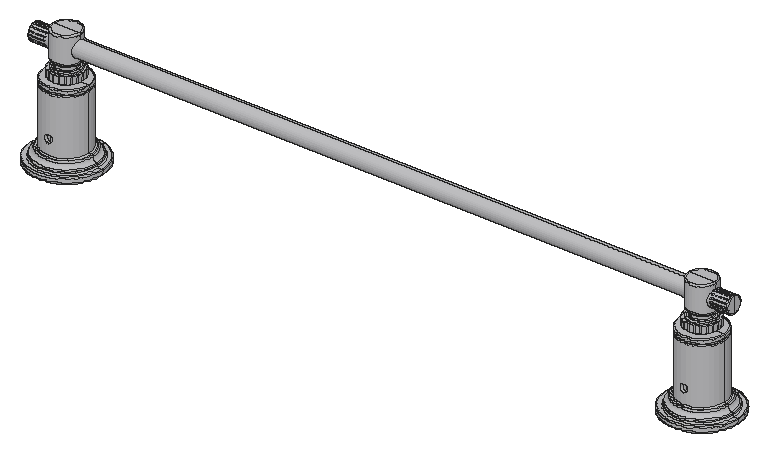
Revit family "Accessory-Towel_Bar-KALLISTA-Central_Park_West-P31424_1", category Specialty Equipment, host Face, Revit 2021
Family settings
  Host = Face
  Round Connector Dimension = Use Diameter
  Part Type = Normal
  OmniClass Number = 23.31.25.25
  OmniClass Title = Towel Bars
  Cut with Voids When Loaded = No
  Shared = No
  Room Calculation Point = No
Parameters (values of type "CP-Chrome")
  Width = 3 49/128"  # constant formula
  WaterSense Certified = 1 = 0  # no
  URL = "https://www.kallista.com/"
  Type = 4
  Product Page URL = "https://www.kallista.com/bathroom/accessories/towel-bars/central-park-west-towel-bar-18-p31424-00-cp"
  Product Name = "Central Park West"  # constant formula
  Product Documentation Link = "https://resources.kohler.com/interiors/kallista/pdf/1377361-4.pdf"
  Model = if(Type = 1, "P31424-BAF", if(Type = 2, "P31424-BN", if(Type = 3, "P31424-BV", if(Type = 4, "P31424-CP", if(Type = 5, "P31424-SN", if(Type = 6, "P31424-ULB", "NA"))))))  # "P31424-CP"
  Material = "Brass construction"  # constant formula
  Master Format 2014 Name = "Toilet, Bath, and Laundry Accessories"  # constant formula
  Master Format 2014 = "10 28 00"  # constant formula
  Manufacturer Address = "444 Highland Dr, Kohler, WI 53044"  # constant formula
  Manufacturer = "Kallista Co.\r\n Co."  # constant formula
  Length = 20 13/256"  # constant formula
  Height = 2 13/256"  # constant formula
  Finish = Kallista-Metal-CP-Chrome
  Environmental Product Declaration = ""
  Description = "Towel Bar, 18 Inch"  # constant formula
  Default Elevation = 42"
  Declare Label = ""
  Date Modified = "10/18/2022"  # constant formula
  Date Created = "10/18/2022"  # constant formula
  Copyright = "Copyright Kallista Co."  # constant formula
  Contact Us = "https://www.kallista.com/corporate/contact-us/"
  Assembly Code = "C1030200"
  ADA Compliant = 1 = 0  # no
Reference planes (in)
  plane 1 "Center (Front/Back)": y = 0
  plane 2: z = 0
  plane 3 "Center (Left/Right)": x = 0
  plane 4: x = -10.02559
  plane 5: x = -7.97441
  plane 6: x = -9
  plane 7: x = 7.97401
  plane 8: x = 9
  plane 9: x = 10.02519
  plane 10: z = 2.99213
  plane 11: y = -1.02559
  plane 12: y = 1.02519
  plane 13: y = 0.23622
  plane 14: y = -0.23622
  plane 15: z = 3.24363
  plane 16: z = 2.75995
  plane 17: z = 0.148
  plane 18: z = 3.38281
Dimensions and locks (in)
  plane 6 to plane 8 = 18"
  "Length": plane 4 to plane 9
  plane 13 to plane 14 = 0.47244"
  plane 7 to plane 9 = 2.05118"
  "Height": plane 11 to plane 12
  "Width": level to plane 18
  plane 4 to plane 5 = 2.05118"
  plane 12 to plane 11 = 2 13/256"
  aligned and locked: plane 2 to host face
  aligned and locked: level to host face
  aligned and locked: plane 3 "Center (Left/Right)" to nested 1
  aligned and locked: plane 1 "Center (Front/Back)" to nested 1
Automatic sketch dimensions
  host sketch curve to host sketch curve = 96"  (x2)
Nested families (in)
  nested 1: "P31424" at (0, -0.0006, 0), type "P31424"
Definition of nested family "P31424"
  Parameters (values of type "P31424")
    Material = none
    Default Elevation = 0"
  Reference planes (in)
    plane 1 "Center (Front/Back)": y = 0.0006
    plane 2: z = 0
    plane 3 "Center (Left/Right)": x = 0
    plane 4: x = 9
    plane 5 "A": x = -9
    plane 6: x = 10.02559
    plane 7: x = -10.02559
    plane 8: x = -7.97441
    plane 9: x = 7.97441
    plane 10: y = 1.02619
    plane 11: y = -1.02499
    plane 12: z = 2.99213
    plane 13: y = 0.23682
    plane 14: y = -0.23562
    plane 15: x = -9.40919
    plane 16: x = 9.40919
    plane 17: z = 3.24363
    plane 18: z = 2.75995
  Forms (in)
    Revolve 1, solid, material <- "Material", detail levels medium+fine
      sketch origin (0, 0.00108, 3.00847) x (1, 0, 0) y (0, 0, -1)
        loop
          line (-9, 3.00847) -> (-9, -0.37342) -> (-8.64309, -0.37342)
          arc (-8.64309, -0.37342) -> (-8.62077, -0.36417) -> (-8.61152, -0.34185) r 0.03156
          line (-8.61152, -0.34185) -> (-8.61152, 0.35147)
          arc (-8.61152, 0.35147) -> (-8.61892, 0.36697) -> (-8.63559, 0.37107) r 0.02006
          arc (-8.63559, 0.37107) -> (-8.65462, 0.37577) -> (-8.66302, 0.39348) r 0.02287
          line (-8.66302, 0.39348) -> (-8.66302, 0.43047) -> (-8.69918, 0.43047)
          arc (-8.69918, 0.43047) -> (-8.71499, 0.43702) -> (-8.72153, 0.45282) r 0.02235
          line (-8.72153, 0.45282) -> (-8.72153, 0.53854)
          arc (-8.72153, 0.53854) -> (-8.71569, 0.55263) -> (-8.70159, 0.55847) r 0.01994
          line (-8.70159, 0.55847) -> (-8.64363, 0.55847)
          arc (-8.64363, 0.55847) -> (-8.6287, 0.56466) -> (-8.62252, 0.57958) r 0.02111
          line (-8.62252, 0.57958) -> (-8.62252, 0.61847) -> (-8.53846, 0.61847) -> (-8.53846, 0.79847) -> (-8.60223, 0.79847)
          arc (-8.60223, 0.79847) -> (-8.61681, 0.80451) -> (-8.62284, 0.81909) r 0.02062
          line (-8.62284, 0.81909) -> (-8.62284, 0.85844) -> (-8.38473, 0.85844)
          arc (-8.38473, 0.85844) -> (-8.3708, 0.86422) -> (-8.36502, 0.87815) r 0.01971
          line (-8.36502, 0.87815) -> (-8.36502, 0.96328)
          arc (-8.36502, 0.96328) -> (-8.37093, 0.97755) -> (-8.3852, 0.98346) r 0.02018
          line (-8.3852, 0.98346) -> (-8.41956, 0.98346) -> (-8.45675, 1.0008) -> (-8.3858, 1.0008)
          arc (-8.3858, 1.0008) -> (-8.37111, 1.00689) -> (-8.36502, 1.02158) r 0.02078
          line (-8.36502, 1.02158) -> (-8.36502, 2.57771)
          arc (-8.36502, 2.57771) -> (-8.35594, 2.59963) -> (-8.33403, 2.60871) r 0.031
          line (-8.33403, 2.60871) -> (-8.28308, 2.60871)
          arc (-8.28308, 2.60871) -> (-8.26745, 2.61504) -> (-8.26063, 2.63045) r 0.02246
          arc (-8.26063, 2.63045) -> (-8.23123, 2.71556) -> (-8.15884, 2.76911) r 0.15204
          arc (-8.15884, 2.76911) -> (-8.14462, 2.77981) -> (-8.13921, 2.79676) r 0.0293
          line (-8.13921, 2.79676) -> (-8.13921, 2.82903)
          arc (-8.13921, 2.82903) -> (-8.13, 2.85126) -> (-8.10777, 2.86047) r 0.03144
          line (-8.10777, 2.86047) -> (-7.99426, 2.86047)
          arc (-7.99426, 2.86047) -> (-7.98022, 2.86629) -> (-7.97441, 2.88032) r 0.01985
          line (-7.97441, 2.88032) -> (-7.97441, 2.98849)
          arc (-7.97441, 2.98849) -> (-7.98026, 3.00262) -> (-7.9944, 3.00847) r 0.01999
          line (-7.9944, 3.00847) -> (-9, 3.00847)
        axis (-9, 3.00847) -> (-9, -0.37342)
      angle from 0 to 360
    Revolve 2, solid, material <- "Material", detail levels medium+fine
      sketch origin (0, 0.00108, 2.99617) x (1, 0, 0) y (0, 0, -1)
        loop
          line (-9.90986, 0.0006) -> (9.90984, 0.0006) -> (9.90984, 0.21666)
          arc (9.90984, 0.21666) -> (9.90411, 0.23049) -> (9.89028, 0.23622) r 0.01956
          line (9.89028, 0.23622) -> (-9.88718, 0.23622)
          arc (-9.88718, 0.23622) -> (-9.90322, 0.22958) -> (-9.90986, 0.21353) r 0.02269
          line (-9.90986, 0.21353) -> (-9.90986, 0.0006)
        axis (-9.90986, 0.0006) -> (9.90984, 0.0006)
      angle from 0 to 360
    Revolve 3, void, detail levels medium+fine
      sketch origin (-9, 0.00108, 3.00847) x (0, 1, 0) y (0, 0, 1)
        loop
          line (-0.90888, -2.16349) -> (-0.55698, -2.16349) -> (-0.55698, -2.05097) -> (-0.90888, -2.05097) -> (-0.90888, -2.16349)
        axis (-0.55698, -2.16349) -> (-0.90888, -2.16349)
      angle from 0 to 360
    Revolve 4, void, detail levels medium+fine
      sketch origin (9, 0.00108, 3.00847) x (0, 1, 0) y (0, 0, 1)
        loop
          line (-0.90888, -2.16349) -> (-0.55698, -2.16349) -> (-0.55698, -2.05097) -> (-0.90888, -2.05097) -> (-0.90888, -2.16349)
        axis (-0.55698, -2.16349) -> (-0.90888, -2.16349)
      angle from 0 to 360
    Extrusion 5, void, detail levels medium+fine
      sketch origin (-4.5, -7.79315, 3.00787) x (0.5, -0.866025, 0) y (0.866025, 0.5, 0)
        loop
          line (-8.97207, -0.46141) -> (-8.96698, -0.50304) -> (-8.92862, -0.49627) -> (-8.93206, -0.4572)
          arc (-8.93206, -0.4572) -> (-8.9542, -0.43896) -> (-8.97207, -0.46141) r 0.02011
        loop
          line (-9.11592, -0.44734) -> (-9.12395, -0.48851) -> (-9.08538, -0.49393) -> (-9.07658, -0.4557)
          arc (-9.07658, -0.4557) -> (-9.092, -0.43151) -> (-9.11592, -0.44734) r 0.02011
        loop
          line (-9.24839, -0.38951) -> (-9.26874, -0.42618) -> (-9.23374, -0.44325) -> (-9.21356, -0.40962)
          arc (-9.21356, -0.40962) -> (-9.22075, -0.38185) -> (-9.24839, -0.38951) r 0.02011
        loop
          line (-9.35651, -0.29357) -> (-9.38719, -0.32216) -> (-9.35918, -0.34921) -> (-9.32959, -0.32346)
          arc (-9.32959, -0.32346) -> (-9.32785, -0.29483) -> (-9.35651, -0.29357) r 0.02011
        loop
          line (-9.42968, -0.16892) -> (-9.4677, -0.18662) -> (-9.44942, -0.22101) -> (-9.41332, -0.20567)
          arc (-9.41332, -0.20567) -> (-9.40281, -0.17897) -> (-9.42968, -0.16892) r 0.02011
        loop
          line (-9.46076, -0.02776) -> (-9.50239, -0.03285) -> (-9.49562, -0.0712) -> (-9.45655, -0.06776)
          arc (-9.45655, -0.06776) -> (-9.43831, -0.04562) -> (-9.46076, -0.02776) r 0.02011
        loop
          line (-9.44669, 0.1161) -> (-9.48785, 0.12412) -> (-9.49327, 0.08556) -> (-9.45505, 0.07675)
          arc (-9.45505, 0.07675) -> (-9.43086, 0.09217) -> (-9.44669, 0.1161) r 0.02011
        loop
          line (-9.38886, 0.24857) -> (-9.42553, 0.26892) -> (-9.4426, 0.23391) -> (-9.40897, 0.21373)
          arc (-9.40897, 0.21373) -> (-9.3812, 0.22092) -> (-9.38886, 0.24857) r 0.02011
        loop
          line (-9.29292, 0.35668) -> (-9.32151, 0.38737) -> (-9.34856, 0.35935) -> (-9.32281, 0.32977)
          arc (-9.32281, 0.32977) -> (-9.29418, 0.32802) -> (-9.29292, 0.35668) r 0.02011
        loop
          line (-9.16827, 0.42986) -> (-9.18597, 0.46787) -> (-9.22036, 0.44959) -> (-9.20502, 0.4135)
          arc (-9.20502, 0.4135) -> (-9.17832, 0.40299) -> (-9.16827, 0.42986) r 0.02011
        loop
          line (-9.02711, 0.46093) -> (-9.0322, 0.50256) -> (-9.07055, 0.4958) -> (-9.06711, 0.45673)
          arc (-9.06711, 0.45673) -> (-9.04497, 0.43849) -> (-9.02711, 0.46093) r 0.02011
        loop
          line (-8.88325, 0.44686) -> (-8.87523, 0.48803) -> (-8.91379, 0.49345) -> (-8.9226, 0.45523)
          arc (-8.9226, 0.45523) -> (-8.90718, 0.43104) -> (-8.88325, 0.44686) r 0.02011
        loop
          line (-8.75078, 0.38903) -> (-8.73043, 0.4257) -> (-8.76543, 0.44277) -> (-8.78562, 0.40914)
          arc (-8.78562, 0.40914) -> (-8.77843, 0.38137) -> (-8.75078, 0.38903) r 0.02011
        loop
          line (-8.64267, 0.29309) -> (-8.61198, 0.32168) -> (-8.64, 0.34873) -> (-8.66958, 0.32299)
          arc (-8.66958, 0.32299) -> (-8.67133, 0.29435) -> (-8.64267, 0.29309) r 0.02011
        loop
          line (-8.56949, 0.16844) -> (-8.53147, 0.18615) -> (-8.54976, 0.22053) -> (-8.58585, 0.20519)
          arc (-8.58585, 0.20519) -> (-8.59636, 0.1785) -> (-8.56949, 0.16844) r 0.02011
        loop
          line (-8.53842, 0.02728) -> (-8.49679, 0.03237) -> (-8.50355, 0.07072) -> (-8.54262, 0.06729)
          arc (-8.54262, 0.06729) -> (-8.56086, 0.04514) -> (-8.53842, 0.02728) r 0.02011
        loop
          line (-8.55248, -0.11658) -> (-8.51132, -0.1246) -> (-8.5059, -0.08603) -> (-8.54412, -0.07723)
          arc (-8.54412, -0.07723) -> (-8.56831, -0.09265) -> (-8.55248, -0.11658) r 0.02011
        loop
          line (-8.61032, -0.24904) -> (-8.57365, -0.26939) -> (-8.55658, -0.23439) -> (-8.5902, -0.21421)
          arc (-8.5902, -0.21421) -> (-8.61798, -0.2214) -> (-8.61032, -0.24904) r 0.02011
        loop
          line (-8.70625, -0.35716) -> (-8.67767, -0.38784) -> (-8.65061, -0.35983) -> (-8.67636, -0.33024)
          arc (-8.67636, -0.33024) -> (-8.705, -0.3285) -> (-8.70625, -0.35716) r 0.02011
        loop
          line (-8.8309, -0.43033) -> (-8.8132, -0.46835) -> (-8.77881, -0.45007) -> (-8.79416, -0.41397)
          arc (-8.79416, -0.41397) -> (-8.82085, -0.40347) -> (-8.8309, -0.43033) r 0.02011
        loop
          arc (0.41356, 15.79497) -> (0.40305, 15.76828) -> (0.42992, 15.75822) r 0.02011
          line (0.42992, 15.75822) -> (0.46547, 15.77478) -> (0.45215, 15.81138) -> (0.41356, 15.79497)
        loop
          arc (0.32945, 15.91252) -> (0.3277, 15.88389) -> (0.35636, 15.88263) r 0.02011
          line (0.35636, 15.88263) -> (0.38506, 15.90936) -> (0.36108, 15.94005) -> (0.32945, 15.91252)
        loop
          arc (0.21313, 15.99833) -> (0.22032, 15.97055) -> (0.24796, 15.97821) r 0.02011
          line (0.24796, 15.97821) -> (0.267, 16.01251) -> (0.23471, 16.03429) -> (0.21313, 15.99833)
        loop
          arc (0.07599, 16.04399) -> (0.09141, 16.0198) -> (0.11533, 16.03562) r 0.02011
          line (0.11533, 16.03562) -> (0.12284, 16.07412) -> (0.0854, 16.08485) -> (0.07599, 16.04399)
        loop
          arc (-0.06855, 16.04503) -> (-0.04641, 16.02679) -> (-0.02855, 16.04924) r 0.02011
          line (-0.02855, 16.04924) -> (-0.03331, 16.08817) -> (-0.07223, 16.08681) -> (-0.06855, 16.04503)
        loop
          arc (-0.20634, 16.00136) -> (-0.17965, 15.99086) -> (-0.16959, 16.01772) r 0.02011
          line (-0.16959, 16.01772) -> (-0.18615, 16.05328) -> (-0.22275, 16.03996) -> (-0.20634, 16.00136)
        loop
          arc (-0.32389, 15.91725) -> (-0.29526, 15.91551) -> (-0.294, 15.94417) r 0.02011
          line (-0.294, 15.94417) -> (-0.32073, 15.97287) -> (-0.35142, 15.94889) -> (-0.32389, 15.91725)
        loop
          arc (-0.40969, 15.80093) -> (-0.38192, 15.80812) -> (-0.38958, 15.83577) r 0.02011
          line (-0.38958, 15.83577) -> (-0.42388, 15.8548) -> (-0.44565, 15.82252) -> (-0.40969, 15.80093)
        loop
          arc (-0.45535, 15.66379) -> (-0.43116, 15.67921) -> (-0.44699, 15.70314) r 0.02011
          line (-0.44699, 15.70314) -> (-0.48549, 15.71064) -> (-0.49622, 15.67321) -> (-0.45535, 15.66379)
        loop
          arc (-0.4564, 15.51925) -> (-0.43816, 15.54139) -> (-0.46061, 15.55926) r 0.02011
          line (-0.46061, 15.55926) -> (-0.49954, 15.5545) -> (-0.49818, 15.51558) -> (-0.4564, 15.51925)
        loop
          arc (-0.41273, 15.38147) -> (-0.40223, 15.40816) -> (-0.42909, 15.41821) r 0.02011
          line (-0.42909, 15.41821) -> (-0.46465, 15.40166) -> (-0.45133, 15.36506) -> (-0.41273, 15.38147)
        loop
          arc (-0.32862, 15.26392) -> (-0.32688, 15.29255) -> (-0.35554, 15.29381) r 0.02011
          line (-0.35554, 15.29381) -> (-0.38424, 15.26708) -> (-0.36026, 15.23639) -> (-0.32862, 15.26392)
        loop
          arc (-0.2123, 15.17811) -> (-0.21949, 15.20588) -> (-0.24714, 15.19822) r 0.02011
          line (-0.24714, 15.19822) -> (-0.26617, 15.16393) -> (-0.23388, 15.14215) -> (-0.2123, 15.17811)
        loop
          arc (-0.07516, 15.13245) -> (-0.09058, 15.15664) -> (-0.11451, 15.14081) r 0.02011
          line (-0.11451, 15.14081) -> (-0.12201, 15.10232) -> (-0.08457, 15.09158) -> (-0.07516, 15.13245)
        loop
          arc (0.06938, 15.1314) -> (0.04724, 15.14965) -> (0.02937, 15.1272) r 0.02011
          line (0.02937, 15.1272) -> (0.03413, 15.08827) -> (0.07305, 15.08963) -> (0.06938, 15.1314)
        loop
          arc (0.20717, 15.17507) -> (0.18047, 15.18558) -> (0.17042, 15.15871) r 0.02011
          line (0.17042, 15.15871) -> (0.18698, 15.12316) -> (0.22357, 15.13648) -> (0.20717, 15.17507)
        loop
          arc (0.32471, 15.25918) -> (0.29608, 15.26093) -> (0.29482, 15.23227) r 0.02011
          line (0.29482, 15.23227) -> (0.32156, 15.20357) -> (0.35225, 15.22755) -> (0.32471, 15.25918)
        loop
          arc (0.41052, 15.3755) -> (0.38275, 15.36831) -> (0.39041, 15.34067) r 0.02011
          line (0.39041, 15.34067) -> (0.4247, 15.32164) -> (0.44648, 15.35392) -> (0.41052, 15.3755)
        loop
          arc (0.45618, 15.51264) -> (0.43199, 15.49722) -> (0.44782, 15.4733) r 0.02011
          line (0.44782, 15.4733) -> (0.48631, 15.4658) -> (0.49705, 15.50323) -> (0.45618, 15.51264)
        loop
          arc (0.45723, 15.65718) -> (0.43899, 15.63504) -> (0.46143, 15.61718) r 0.02011
          line (0.46143, 15.61718) -> (0.50036, 15.62194) -> (0.499, 15.66086) -> (0.45723, 15.65718)
      from -0.81369 to -0.54356
    Revolve 6, solid, material <- "Material", detail levels coarse
      sketch origin (0, 0.0006, 0) x (1, 0, 0) y (0, 0, 1)
        loop
          line (-9.38848, 3.38189) -> (-9.38848, 2.15003) -> (-9.63498, 2.15003) -> (-9.63498, 0.39976) -> (-10.02559, 0.39976) -> (-10.02559, 0) -> (-9, 0) -> (-9, 3.38189) -> (-9.38848, 3.38189)
        axis (-9, 0) -> (-9, 3.38189)
      angle from 0 to 360
    Revolve 7, solid, material <- "Material", detail levels coarse
      sketch origin (0, 0.0006, 0) x (1, 0, 0) y (0, 0, 1)
        loop
          line (-9.90983, 2.99213) -> (9.90983, 2.99213) -> (9.90983, 3.24363) -> (-9.90983, 3.24363) -> (-9.90983, 2.99213)
        axis (-9.90983, 2.99213) -> (9.90983, 2.99213)
      angle from 0 to 360
    Extrusion 8, void
      sketch origin (0, 0, 0) x (0, 1, 0) y (0, 0, 1)
        loop
          arc (0.04362, 3.23801) -> (0.02469, 3.24058) -> (0.00561, 3.24167) r 0.24614
          arc (0.00561, 3.24167) -> (0.02302, 3.22325) -> (0.04362, 3.23801) r 0.01927
        loop
          arc (0.13855, 3.19974) -> (0.1223, 3.20979) -> (0.10532, 3.21855) r 0.24614
          arc (0.10532, 3.21855) -> (0.11373, 3.19464) -> (0.13855, 3.19974) r 0.01927
        loop
          arc (0.20971, 3.12617) -> (0.19895, 3.14196) -> (0.187, 3.15687) r 0.24614
          arc (0.187, 3.15687) -> (0.18496, 3.13161) -> (0.20971, 3.12617) r 0.01927
        loop
          arc (0.24479, 3.03002) -> (0.24139, 3.04883) -> (0.23653, 3.0673) r 0.24614
          arc (0.23653, 3.0673) -> (0.22439, 3.04506) -> (0.24479, 3.03002) r 0.01927
        loop
          arc (0.23774, 2.92792) -> (0.24227, 2.94648) -> (0.24535, 2.96533) r 0.24614
          arc (0.24535, 2.96533) -> (0.22521, 2.94995) -> (0.23774, 2.92792) r 0.01927
        loop
          arc (0.18976, 2.83751) -> (0.20145, 2.85262) -> (0.21194, 2.86859) r 0.24614
          arc (0.21194, 2.86859) -> (0.18728, 2.86273) -> (0.18976, 2.83751) r 0.01927
        loop
          arc (0.10916, 2.77443) -> (0.12598, 2.78348) -> (0.14206, 2.79381) r 0.24614
          arc (0.14206, 2.79381) -> (0.11715, 2.79848) -> (0.10916, 2.77443) r 0.01927
        loop
          arc (0.00987, 2.74959) -> (0.02892, 2.75101) -> (0.04781, 2.75391) r 0.24614
          arc (0.04781, 2.75391) -> (0.02695, 2.76831) -> (0.00987, 2.74959) r 0.01927
        loop
          arc (-0.09094, 2.76728) -> (-0.07296, 2.76083) -> (-0.05453, 2.75579) r 0.24614
          arc (-0.05453, 2.75579) -> (-0.06772, 2.77743) -> (-0.09094, 2.76728) r 0.01927
        loop
          arc (-0.17584, 2.82444) -> (-0.16204, 2.81124) -> (-0.14725, 2.79914) r 0.24614
          arc (-0.14725, 2.79914) -> (-0.1505, 2.82427) -> (-0.17584, 2.82444) r 0.01927
        loop
          arc (-0.23015, 2.9112) -> (-0.22291, 2.89352) -> (-0.21432, 2.87645) r 0.24614
          arc (-0.21432, 2.87645) -> (-0.20707, 2.90073) -> (-0.23015, 2.9112) r 0.01927
        loop
          arc (-0.24448, 3.01254) -> (-0.24506, 2.99344) -> (-0.24415, 2.97436) r 0.24614
          arc (-0.24415, 2.97436) -> (-0.22765, 2.99359) -> (-0.24448, 3.01254) r 0.01927
        loop
          arc (-0.21635, 3.11095) -> (-0.22464, 3.09374) -> (-0.23158, 3.07593) r 0.24614
          arc (-0.23158, 3.07593) -> (-0.20868, 3.0868) -> (-0.21635, 3.11095) r 0.01927
        loop
          arc (-0.15062, 3.18941) -> (-0.1652, 3.17706) -> (-0.17878, 3.16361) r 0.24614
          arc (-0.17878, 3.16361) -> (-0.15344, 3.16422) -> (-0.15062, 3.18941) r 0.01927
        loop
          arc (-0.05866, 3.23435) -> (-0.07701, 3.229) -> (-0.09488, 3.22224) r 0.24614
          arc (-0.09488, 3.22224) -> (-0.07148, 3.21249) -> (-0.05866, 3.23435) r 0.01927
      from -10.21425 to -9.40919
    Extrusion 9, void
      sketch origin (20.05118, 0, 0) x (0, 1, 0) y (0, 0, 1)
        loop
          arc (0.04362, 3.23801) -> (0.02469, 3.24058) -> (0.00561, 3.24167) r 0.24614
          arc (0.00561, 3.24167) -> (0.02302, 3.22325) -> (0.04362, 3.23801) r 0.01927
        loop
          arc (0.13855, 3.19974) -> (0.1223, 3.20979) -> (0.10532, 3.21855) r 0.24614
          arc (0.10532, 3.21855) -> (0.11373, 3.19464) -> (0.13855, 3.19974) r 0.01927
        loop
          arc (0.20971, 3.12617) -> (0.19895, 3.14196) -> (0.187, 3.15687) r 0.24614
          arc (0.187, 3.15687) -> (0.18496, 3.13161) -> (0.20971, 3.12617) r 0.01927
        loop
          arc (0.24479, 3.03002) -> (0.24139, 3.04883) -> (0.23653, 3.0673) r 0.24614
          arc (0.23653, 3.0673) -> (0.22439, 3.04506) -> (0.24479, 3.03002) r 0.01927
        loop
          arc (0.23774, 2.92792) -> (0.24227, 2.94648) -> (0.24535, 2.96533) r 0.24614
          arc (0.24535, 2.96533) -> (0.22521, 2.94995) -> (0.23774, 2.92792) r 0.01927
        loop
          arc (0.18976, 2.83751) -> (0.20145, 2.85262) -> (0.21194, 2.86859) r 0.24614
          arc (0.21194, 2.86859) -> (0.18728, 2.86273) -> (0.18976, 2.83751) r 0.01927
        loop
          arc (0.10916, 2.77443) -> (0.12598, 2.78348) -> (0.14206, 2.79381) r 0.24614
          arc (0.14206, 2.79381) -> (0.11715, 2.79848) -> (0.10916, 2.77443) r 0.01927
        loop
          arc (0.00987, 2.74959) -> (0.02892, 2.75101) -> (0.04781, 2.75391) r 0.24614
          arc (0.04781, 2.75391) -> (0.02695, 2.76831) -> (0.00987, 2.74959) r 0.01927
        loop
          arc (-0.09094, 2.76728) -> (-0.07296, 2.76083) -> (-0.05453, 2.75579) r 0.24614
          arc (-0.05453, 2.75579) -> (-0.06772, 2.77743) -> (-0.09094, 2.76728) r 0.01927
        loop
          arc (-0.17584, 2.82444) -> (-0.16204, 2.81124) -> (-0.14725, 2.79914) r 0.24614
          arc (-0.14725, 2.79914) -> (-0.1505, 2.82427) -> (-0.17584, 2.82444) r 0.01927
        loop
          arc (-0.23015, 2.9112) -> (-0.22291, 2.89352) -> (-0.21432, 2.87645) r 0.24614
          arc (-0.21432, 2.87645) -> (-0.20707, 2.90073) -> (-0.23015, 2.9112) r 0.01927
        loop
          arc (-0.24448, 3.01254) -> (-0.24506, 2.99344) -> (-0.24415, 2.97436) r 0.24614
          arc (-0.24415, 2.97436) -> (-0.22765, 2.99359) -> (-0.24448, 3.01254) r 0.01927
        loop
          arc (-0.21635, 3.11095) -> (-0.22464, 3.09374) -> (-0.23158, 3.07593) r 0.24614
          arc (-0.23158, 3.07593) -> (-0.20868, 3.0868) -> (-0.21635, 3.11095) r 0.01927
        loop
          arc (-0.15062, 3.18941) -> (-0.1652, 3.17706) -> (-0.17878, 3.16361) r 0.24614
          arc (-0.17878, 3.16361) -> (-0.15344, 3.16422) -> (-0.15062, 3.18941) r 0.01927
        loop
          arc (-0.05866, 3.23435) -> (-0.07701, 3.229) -> (-0.09488, 3.22224) r 0.24614
          arc (-0.09488, 3.22224) -> (-0.07148, 3.21249) -> (-0.05866, 3.23435) r 0.01927
      from -10.64199 to -9.40919
    Revolve 10, solid, material <- "Material", detail levels medium+fine
      sketch origin (0, 0.00108, 3.00847) x (-1, 0, 0) y (0, 0, 1)
        loop
          line (-9, -3.00847) -> (-7.9944, -3.00847)
          arc (-7.9944, -3.00847) -> (-7.98026, -3.00262) -> (-7.97441, -2.98849) r 0.01999
          line (-7.97441, -2.98849) -> (-7.97441, -2.88032)
          arc (-7.97441, -2.88032) -> (-7.98022, -2.86629) -> (-7.99426, -2.86047) r 0.01985
          line (-7.99426, -2.86047) -> (-8.10777, -2.86047)
          arc (-8.10777, -2.86047) -> (-8.13, -2.85126) -> (-8.13921, -2.82903) r 0.03144
          line (-8.13921, -2.82903) -> (-8.13921, -2.79676)
          arc (-8.13921, -2.79676) -> (-8.14462, -2.77981) -> (-8.15884, -2.76911) r 0.0293
          arc (-8.15884, -2.76911) -> (-8.23123, -2.71556) -> (-8.26063, -2.63045) r 0.15204
          arc (-8.26063, -2.63045) -> (-8.26745, -2.61504) -> (-8.28308, -2.60871) r 0.02246
          line (-8.28308, -2.60871) -> (-8.33403, -2.60871)
          arc (-8.33403, -2.60871) -> (-8.35594, -2.59963) -> (-8.36502, -2.57771) r 0.031
          line (-8.36502, -2.57771) -> (-8.36502, -1.02158)
          arc (-8.36502, -1.02158) -> (-8.37111, -1.00689) -> (-8.3858, -1.0008) r 0.02078
          line (-8.3858, -1.0008) -> (-8.45675, -1.0008) -> (-8.41956, -0.98346) -> (-8.3852, -0.98346)
          arc (-8.3852, -0.98346) -> (-8.37093, -0.97755) -> (-8.36502, -0.96328) r 0.02018
          line (-8.36502, -0.96328) -> (-8.36502, -0.87815)
          arc (-8.36502, -0.87815) -> (-8.3708, -0.86422) -> (-8.38473, -0.85844) r 0.01971
          line (-8.38473, -0.85844) -> (-8.62284, -0.85844) -> (-8.62284, -0.81909)
          arc (-8.62284, -0.81909) -> (-8.61681, -0.80451) -> (-8.60223, -0.79847) r 0.02062
          line (-8.60223, -0.79847) -> (-8.53846, -0.79847) -> (-8.53846, -0.61847) -> (-8.62252, -0.61847) -> (-8.62252, -0.57958)
          arc (-8.62252, -0.57958) -> (-8.6287, -0.56466) -> (-8.64363, -0.55847) r 0.02111
          line (-8.64363, -0.55847) -> (-8.70159, -0.55847)
          arc (-8.70159, -0.55847) -> (-8.71569, -0.55263) -> (-8.72153, -0.53854) r 0.01994
          line (-8.72153, -0.53854) -> (-8.72153, -0.45282)
          arc (-8.72153, -0.45282) -> (-8.71499, -0.43702) -> (-8.69918, -0.43047) r 0.02235
          line (-8.69918, -0.43047) -> (-8.66302, -0.43047) -> (-8.66302, -0.39348)
          arc (-8.66302, -0.39348) -> (-8.65462, -0.37577) -> (-8.63559, -0.37107) r 0.02287
          arc (-8.63559, -0.37107) -> (-8.61892, -0.36697) -> (-8.61152, -0.35147) r 0.02006
          line (-8.61152, -0.35147) -> (-8.61152, 0.34185)
          arc (-8.61152, 0.34185) -> (-8.62077, 0.36417) -> (-8.64309, 0.37342) r 0.03156
          line (-8.64309, 0.37342) -> (-9, 0.37342) -> (-9, -3.00847)
        axis (-9, -3.00847) -> (-9, 0.37342)
      angle from 0 to 360
    Revolve 11, solid, material <- "Material", detail levels coarse
      sketch origin (0, 0.0006, 0) x (-1, 0, 0) y (0, 0, -1)
        loop
          line (-9.38848, -3.38189) -> (-9, -3.38189) -> (-9, 0) -> (-10.02559, 0) -> (-10.02559, -0.39976) -> (-9.63498, -0.39976) -> (-9.63498, -2.15003) -> (-9.38848, -2.15003) -> (-9.38848, -3.38189)
        axis (-9, 0) -> (-9, -3.38189)
      angle from 0 to 360
  Cuts and joins
    Revolve 3, Revolve 4, Extrusion 5, Extrusion 9 cuts Revolve 1
    Extrusion 8, Extrusion 9 cuts Revolve 2
    Revolve 4, Extrusion 5 cuts Revolve 10
    joined: Revolve 1, Revolve 2, Revolve 10
    joined: Revolve 6, Revolve 7, Revolve 11
  Lines and regions (in)
    Masking region 1
      outline origin (0, 0.0006, 3.00847) x (0, 0, -1) y (0, 1, 0)
        loop
          line (3.00847, 0) -> (3.00847, 1.00599)
          arc (3.00847, 1.00599) -> (3.00273, 1.01985) -> (2.98888, 1.02559) r 0.0196
          line (2.98888, 1.02559) -> (2.88007, 1.02559)
          arc (2.88007, 1.02559) -> (2.86621, 1.01985) -> (2.86047, 1.00599) r 0.0196
          line (2.86047, 1.00599) -> (2.86047, 0.89298)
          arc (2.86047, 0.89298) -> (2.85105, 0.87022) -> (2.82828, 0.86079) r 0.03219
          line (2.82828, 0.86079) -> (2.79625, 0.86079)
          arc (2.79625, 0.86079) -> (2.78073, 0.85625) -> (2.77009, 0.84407) r 0.02882
          arc (2.77009, 0.84407) -> (2.73296, 0.78529) -> (2.67418, 0.74816) r 0.15793
          arc (2.67418, 0.74816) -> (2.65337, 0.74233) -> (2.63195, 0.7394) r 0.15793
          arc (2.63195, 0.7394) -> (2.61773, 0.7341) -> (2.60871, 0.72189) r 0.02663
          line (2.60871, 0.72189) -> (2.60871, 0.6687)
          arc (2.60871, 0.6687) -> (2.59963, 0.64564) -> (2.57725, 0.63498) r 0.0338
          line (2.57725, 0.63498) -> (1.02382, 0.63498)
          arc (1.02382, 0.63498) -> (1.00754, 0.62824) -> (1.0008, 0.61196) r 0.02302
          line (1.0008, 0.61196) -> (1.0008, 0.54093) -> (0.98346, 0.58178) -> (0.98346, 0.61358)
          arc (0.98346, 0.61358) -> (0.97719, 0.62871) -> (0.96206, 0.63498) r 0.0214
          line (0.96206, 0.63498) -> (0.87831, 0.63498)
          arc (0.87831, 0.63498) -> (0.86426, 0.62916) -> (0.85844, 0.61511) r 0.01986
          line (0.85844, 0.61511) -> (0.85844, 0.37748) -> (0.81825, 0.37748)
          arc (0.81825, 0.37748) -> (0.80426, 0.38327) -> (0.79847, 0.39725) r 0.01977
          line (0.79847, 0.39725) -> (0.79847, 0.44164)
          arc (0.79847, 0.44164) -> (0.79254, 0.45597) -> (0.77821, 0.4619) r 0.02026
          line (0.77821, 0.4619) -> (0.63816, 0.4619)
          arc (0.63816, 0.4619) -> (0.62424, 0.45614) -> (0.61847, 0.44222) r 0.01969
          line (0.61847, 0.44222) -> (0.61847, 0.37748) -> (0.58289, 0.37748)
          arc (0.58289, 0.37748) -> (0.5656, 0.37032) -> (0.55844, 0.35303) r 0.02444
          line (0.55844, 0.35303) -> (0.55844, 0.27849) -> (0.43047, 0.27849) -> (0.43047, 0.33698) -> (0.3965, 0.33698)
          arc (0.3965, 0.33698) -> (0.37729, 0.34573) -> (0.37128, 0.36597) r 0.02546
          arc (0.37128, 0.36597) -> (0.36662, 0.38168) -> (0.3517, 0.38848) r 0.01977
          line (0.3517, 0.38848) -> (-0.35385, 0.38848)
          arc (-0.35385, 0.38848) -> (-0.36769, 0.38275) -> (-0.37342, 0.36891) r 0.01956
          line (-0.37342, 0.36891) -> (-0.37342, 0) -> (-0.37342, -0.36891)
          arc (-0.37342, -0.36891) -> (-0.36769, -0.38274) -> (-0.35385, -0.38847) r 0.01956
          line (-0.35385, -0.38847) -> (0.3517, -0.38847)
          arc (0.3517, -0.38847) -> (0.36662, -0.38167) -> (0.37128, -0.36596) r 0.01977
          arc (0.37128, -0.36596) -> (0.37729, -0.34572) -> (0.3965, -0.33697) r 0.02546
          line (0.3965, -0.33697) -> (0.43047, -0.33697) -> (0.43047, -0.27848) -> (0.55844, -0.27848) -> (0.55844, -0.35551)
          arc (0.55844, -0.35551) -> (0.56488, -0.37104) -> (0.58041, -0.37747) r 0.02196
          line (0.58041, -0.37747) -> (0.61847, -0.37747) -> (0.61847, -0.44221)
          arc (0.61847, -0.44221) -> (0.62424, -0.45613) -> (0.63816, -0.4619) r 0.01969
          line (0.63816, -0.4619) -> (0.77821, -0.4619)
          arc (0.77821, -0.4619) -> (0.79254, -0.45596) -> (0.79847, -0.44163) r 0.02026
          line (0.79847, -0.44163) -> (0.79847, -0.39724)
          arc (0.79847, -0.39724) -> (0.80426, -0.38326) -> (0.81825, -0.37747) r 0.01977
          line (0.81825, -0.37747) -> (0.85844, -0.37747) -> (0.85844, -0.61511)
          arc (0.85844, -0.61511) -> (0.86426, -0.62915) -> (0.87831, -0.63497) r 0.01986
          line (0.87831, -0.63497) -> (0.96206, -0.63497)
          arc (0.96206, -0.63497) -> (0.97719, -0.6287) -> (0.98346, -0.61357) r 0.0214
          line (0.98346, -0.61357) -> (0.98346, -0.58177) -> (1.0008, -0.54092) -> (1.0008, -0.61195)
          arc (1.0008, -0.61195) -> (1.00754, -0.62823) -> (1.02382, -0.63497) r 0.02302
          line (1.02382, -0.63497) -> (2.57725, -0.63497)
          arc (2.57725, -0.63497) -> (2.59963, -0.64563) -> (2.60871, -0.66869) r 0.0338
          line (2.60871, -0.66869) -> (2.60871, -0.72188)
          arc (2.60871, -0.72188) -> (2.61773, -0.73409) -> (2.63195, -0.73939) r 0.02663
          arc (2.63195, -0.73939) -> (2.65337, -0.74232) -> (2.67418, -0.74815) r 0.15793
          arc (2.67418, -0.74815) -> (2.73296, -0.78528) -> (2.77009, -0.84406) r 0.15793
          arc (2.77009, -0.84406) -> (2.78073, -0.85624) -> (2.79625, -0.86078) r 0.02882
          line (2.79625, -0.86078) -> (2.82828, -0.86078)
          arc (2.82828, -0.86078) -> (2.85105, -0.87021) -> (2.86047, -0.89297) r 0.03219
          line (2.86047, -0.89297) -> (2.86047, -1.00599)
          arc (2.86047, -1.00599) -> (2.86621, -1.01984) -> (2.88007, -1.02558) r 0.0196
          line (2.88007, -1.02558) -> (2.98888, -1.02558)
          arc (2.98888, -1.02558) -> (3.00273, -1.01984) -> (3.00847, -1.00599) r 0.0196
          line (3.00847, -1.00599) -> (3.00847, 0)
    Masking region 2
      outline origin (0, 0.0006, 0) x (1, 0, 0) y (0, 0, 1)
        loop
          arc (-9.36877, 3.38189) -> (-9.38278, 3.37524) -> (-9.38848, 3.36082) r 0.02112
          line (-9.38848, 3.36082) -> (-9.38848, 3.24363) -> (-9.88801, 3.24363)
          arc (-9.88801, 3.24363) -> (-9.90344, 3.23724) -> (-9.90983, 3.22181) r 0.02182
          line (-9.90983, 3.22181) -> (-9.90983, 2.77976)
          arc (-9.90983, 2.77976) -> (-9.90403, 2.76575) -> (-9.89002, 2.75995) r 0.01981
          line (-9.89002, 2.75995) -> (-9.38848, 2.75995) -> (-9.38848, 2.66152)
          arc (-9.38848, 2.66152) -> (-9.38048, 2.64333) -> (-9.36167, 2.63692) r 0.0247
          arc (-9.36167, 2.63692) -> (-9.34434, 2.63101) -> (-9.33698, 2.61426) r 0.02274
          line (-9.33698, 2.61426) -> (-9.33698, 2.578) -> (-9.29829, 2.578)
          arc (-9.29829, 2.578) -> (-9.2843, 2.57232) -> (-9.27848, 2.55838) r 0.01962
          line (-9.27848, 2.55838) -> (-9.27848, 2.47041)
          arc (-9.27848, 2.47041) -> (-9.28446, 2.45599) -> (-9.29887, 2.45002) r 0.02039
          line (-9.29887, 2.45002) -> (-9.35672, 2.45002)
          arc (-9.35672, 2.45002) -> (-9.3714, 2.44394) -> (-9.37748, 2.42927) r 0.02075
          line (-9.37748, 2.42927) -> (-9.37748, 2.39) -> (-9.44174, 2.39)
          arc (-9.44174, 2.39) -> (-9.45577, 2.38326) -> (-9.46147, 2.36877) r 0.02129
          line (-9.46147, 2.36877) -> (-9.46147, 2.22881)
          arc (-9.46147, 2.22881) -> (-9.45384, 2.21536) -> (-9.43931, 2.21003) r 0.02246
          line (-9.43931, 2.21003) -> (-9.39795, 2.21003)
          arc (-9.39795, 2.21003) -> (-9.38347, 2.20403) -> (-9.37748, 2.18955) r 0.02047
          line (-9.37748, 2.18955) -> (-9.37748, 2.15003) -> (-9.61527, 2.15003)
          arc (-9.61527, 2.15003) -> (-9.62931, 2.14311) -> (-9.63498, 2.12852) r 0.0216
          line (-9.63498, 2.12852) -> (-9.63498, 2.04766)
          arc (-9.63498, 2.04766) -> (-9.62835, 2.03165) -> (-9.61234, 2.02502) r 0.02264
          line (-9.61234, 2.02502) -> (-9.58044, 2.02502) -> (-9.54325, 2.00768) -> (-9.61206, 2.00768)
          arc (-9.61206, 2.00768) -> (-9.62827, 2.00096) -> (-9.63498, 1.98476) r 0.02292
          line (-9.63498, 1.98476) -> (-9.63498, 0.4312)
          arc (-9.63498, 0.4312) -> (-9.64344, 0.40971) -> (-9.66427, 0.39976) r 0.03151
          line (-9.66427, 0.39976) -> (-9.72189, 0.39976)
          arc (-9.72189, 0.39976) -> (-9.73491, 0.39005) -> (-9.73958, 0.37449) r 0.02589
          arc (-9.73958, 0.37449) -> (-9.77012, 0.28978) -> (-9.84407, 0.23838) r 0.1482
          arc (-9.84407, 0.23838) -> (-9.85625, 0.22775) -> (-9.86079, 0.21222) r 0.02882
          line (-9.86079, 0.21222) -> (-9.86079, 0.1772)
          arc (-9.86079, 0.1772) -> (-9.8717, 0.15638) -> (-9.89368, 0.14804) r 0.03313
          line (-9.89368, 0.14804) -> (-10.00136, 0.14804)
          arc (-10.00136, 0.14804) -> (-10.01754, 0.14325) -> (-10.02559, 0.12842) r 0.02204
          line (-10.02559, 0.12842) -> (-10.02559, 0.01984)
          arc (-10.02559, 0.01984) -> (-10.01978, 0.00581) -> (-10.00575, 0) r 0.01984
          line (-10.00575, 0) -> (-9, 0) -> (-7.99425, 0)
          arc (-7.99425, 0) -> (-7.98022, 0.00581) -> (-7.97441, 0.01984) r 0.01984
          line (-7.97441, 0.01984) -> (-7.97441, 0.12842)
          arc (-7.97441, 0.12842) -> (-7.98246, 0.14325) -> (-7.99864, 0.14804) r 0.02204
          line (-7.99864, 0.14804) -> (-8.10632, 0.14804)
          arc (-8.10632, 0.14804) -> (-8.1283, 0.15638) -> (-8.13921, 0.1772) r 0.03313
          line (-8.13921, 0.1772) -> (-8.13921, 0.21222)
          arc (-8.13921, 0.21222) -> (-8.14375, 0.22775) -> (-8.15593, 0.23838) r 0.02882
          arc (-8.15593, 0.23838) -> (-8.22988, 0.28978) -> (-8.26042, 0.37449) r 0.1482
          arc (-8.26042, 0.37449) -> (-8.26509, 0.39005) -> (-8.27811, 0.39976) r 0.02589
          line (-8.27811, 0.39976) -> (-8.33573, 0.39976)
          arc (-8.33573, 0.39976) -> (-8.35656, 0.40971) -> (-8.36502, 0.4312) r 0.03151
          line (-8.36502, 0.4312) -> (-8.36502, 1.98476)
          arc (-8.36502, 1.98476) -> (-8.37173, 2.00096) -> (-8.38794, 2.00768) r 0.02292
          line (-8.38794, 2.00768) -> (-8.45675, 2.00768) -> (-8.41956, 2.02502) -> (-8.38766, 2.02502)
          arc (-8.38766, 2.02502) -> (-8.37165, 2.03165) -> (-8.36502, 2.04766) r 0.02264
          line (-8.36502, 2.04766) -> (-8.36502, 2.12852)
          arc (-8.36502, 2.12852) -> (-8.37069, 2.14311) -> (-8.38473, 2.15003) r 0.0216
          line (-8.38473, 2.15003) -> (-8.62252, 2.15003) -> (-8.62252, 2.18955)
          arc (-8.62252, 2.18955) -> (-8.61653, 2.20403) -> (-8.60205, 2.21003) r 0.02047
          line (-8.60205, 2.21003) -> (-8.56069, 2.21003)
          arc (-8.56069, 2.21003) -> (-8.54616, 2.21536) -> (-8.53853, 2.22881) r 0.02246
          line (-8.53853, 2.22881) -> (-8.53853, 2.36877)
          arc (-8.53853, 2.36877) -> (-8.54423, 2.38326) -> (-8.55826, 2.39) r 0.02129
          line (-8.55826, 2.39) -> (-8.62252, 2.39) -> (-8.62252, 2.42927)
          arc (-8.62252, 2.42927) -> (-8.6286, 2.44394) -> (-8.64328, 2.45002) r 0.02075
          line (-8.64328, 2.45002) -> (-8.70113, 2.45002)
          arc (-8.70113, 2.45002) -> (-8.71554, 2.45599) -> (-8.72152, 2.47041) r 0.02039
          line (-8.72152, 2.47041) -> (-8.72152, 2.55838)
          arc (-8.72152, 2.55838) -> (-8.7157, 2.57232) -> (-8.70171, 2.578) r 0.01962
          line (-8.70171, 2.578) -> (-8.66302, 2.578) -> (-8.66302, 2.61426)
          arc (-8.66302, 2.61426) -> (-8.65566, 2.63101) -> (-8.63833, 2.63692) r 0.02274
          arc (-8.63833, 2.63692) -> (-8.61952, 2.64333) -> (-8.61152, 2.66152) r 0.0247
          line (-8.61152, 2.66152) -> (-8.61152, 2.75995) -> (0, 2.75995) -> (8.61152, 2.75995) -> (8.61152, 2.66152)
          arc (8.61152, 2.66152) -> (8.61952, 2.64333) -> (8.63833, 2.63692) r 0.0247
          arc (8.63833, 2.63692) -> (8.65566, 2.63101) -> (8.66302, 2.61426) r 0.02274
          line (8.66302, 2.61426) -> (8.66302, 2.578) -> (8.70171, 2.578)
          arc (8.70171, 2.578) -> (8.7157, 2.57232) -> (8.72152, 2.55838) r 0.01962
          line (8.72152, 2.55838) -> (8.72152, 2.47041)
          arc (8.72152, 2.47041) -> (8.71554, 2.45599) -> (8.70113, 2.45002) r 0.02039
          line (8.70113, 2.45002) -> (8.64328, 2.45002)
          arc (8.64328, 2.45002) -> (8.6286, 2.44394) -> (8.62252, 2.42927) r 0.02075
          line (8.62252, 2.42927) -> (8.62252, 2.39) -> (8.55826, 2.39)
          arc (8.55826, 2.39) -> (8.54423, 2.38326) -> (8.53853, 2.36877) r 0.02129
          line (8.53853, 2.36877) -> (8.53853, 2.22881)
          arc (8.53853, 2.22881) -> (8.54616, 2.21536) -> (8.56069, 2.21003) r 0.02246
          line (8.56069, 2.21003) -> (8.60205, 2.21003)
          arc (8.60205, 2.21003) -> (8.61653, 2.20403) -> (8.62252, 2.18955) r 0.02047
          line (8.62252, 2.18955) -> (8.62252, 2.15003) -> (8.38473, 2.15003)
          arc (8.38473, 2.15003) -> (8.37069, 2.14311) -> (8.36502, 2.12852) r 0.0216
          line (8.36502, 2.12852) -> (8.36502, 2.04766)
          arc (8.36502, 2.04766) -> (8.37165, 2.03165) -> (8.38766, 2.02502) r 0.02264
          line (8.38766, 2.02502) -> (8.41956, 2.02502) -> (8.45675, 2.00768) -> (8.38794, 2.00768)
          arc (8.38794, 2.00768) -> (8.37173, 2.00096) -> (8.36502, 1.98476) r 0.02292
          line (8.36502, 1.98476) -> (8.36502, 0.4312)
          arc (8.36502, 0.4312) -> (8.35656, 0.40971) -> (8.33573, 0.39976) r 0.03151
          line (8.33573, 0.39976) -> (8.27811, 0.39976)
          arc (8.27811, 0.39976) -> (8.26509, 0.39005) -> (8.26042, 0.37449) r 0.02589
          arc (8.26042, 0.37449) -> (8.22988, 0.28978) -> (8.15593, 0.23838) r 0.1482
          arc (8.15593, 0.23838) -> (8.14375, 0.22775) -> (8.13921, 0.21222) r 0.02882
          line (8.13921, 0.21222) -> (8.13921, 0.1772)
          arc (8.13921, 0.1772) -> (8.1283, 0.15638) -> (8.10632, 0.14804) r 0.03313
          line (8.10632, 0.14804) -> (7.99864, 0.14804)
          arc (7.99864, 0.14804) -> (7.98246, 0.14325) -> (7.97441, 0.12842) r 0.02204
          line (7.97441, 0.12842) -> (7.97441, 0.01984)
          arc (7.97441, 0.01984) -> (7.98022, 0.00581) -> (7.99425, 0) r 0.01984
          line (7.99425, 0) -> (9, 0) -> (10.00575, 0)
          arc (10.00575, 0) -> (10.01978, 0.00581) -> (10.02559, 0.01984) r 0.01984
          line (10.02559, 0.01984) -> (10.02559, 0.12842)
          arc (10.02559, 0.12842) -> (10.01754, 0.14325) -> (10.00136, 0.14804) r 0.02204
          line (10.00136, 0.14804) -> (9.89368, 0.14804)
          arc (9.89368, 0.14804) -> (9.8717, 0.15638) -> (9.86079, 0.1772) r 0.03313
          line (9.86079, 0.1772) -> (9.86079, 0.21222)
          arc (9.86079, 0.21222) -> (9.85625, 0.22775) -> (9.84407, 0.23838) r 0.02882
          arc (9.84407, 0.23838) -> (9.77012, 0.28978) -> (9.73958, 0.37449) r 0.1482
          arc (9.73958, 0.37449) -> (9.73491, 0.39005) -> (9.72189, 0.39976) r 0.02589
          line (9.72189, 0.39976) -> (9.66427, 0.39976)
          arc (9.66427, 0.39976) -> (9.64344, 0.40971) -> (9.63498, 0.4312) r 0.03151
          line (9.63498, 0.4312) -> (9.63498, 1.98476)
          arc (9.63498, 1.98476) -> (9.62827, 2.00096) -> (9.61206, 2.00768) r 0.02292
          line (9.61206, 2.00768) -> (9.54325, 2.00768) -> (9.58044, 2.02502) -> (9.61234, 2.02502)
          arc (9.61234, 2.02502) -> (9.62835, 2.03165) -> (9.63498, 2.04766) r 0.02264
          line (9.63498, 2.04766) -> (9.63498, 2.12852)
          arc (9.63498, 2.12852) -> (9.62931, 2.14311) -> (9.61527, 2.15003) r 0.0216
          line (9.61527, 2.15003) -> (9.37748, 2.15003) -> (9.37748, 2.18955)
          arc (9.37748, 2.18955) -> (9.38347, 2.20403) -> (9.39795, 2.21003) r 0.02047
          line (9.39795, 2.21003) -> (9.43931, 2.21003)
          arc (9.43931, 2.21003) -> (9.45384, 2.21536) -> (9.46147, 2.22881) r 0.02246
          line (9.46147, 2.22881) -> (9.46147, 2.36877)
          arc (9.46147, 2.36877) -> (9.45577, 2.38326) -> (9.44174, 2.39) r 0.02129
          line (9.44174, 2.39) -> (9.37748, 2.39) -> (9.37748, 2.42927)
          arc (9.37748, 2.42927) -> (9.3714, 2.44394) -> (9.35672, 2.45002) r 0.02075
          line (9.35672, 2.45002) -> (9.29887, 2.45002)
          arc (9.29887, 2.45002) -> (9.28446, 2.45599) -> (9.27848, 2.47041) r 0.02039
          line (9.27848, 2.47041) -> (9.27848, 2.55838)
          arc (9.27848, 2.55838) -> (9.2843, 2.57232) -> (9.29829, 2.578) r 0.01962
          line (9.29829, 2.578) -> (9.33698, 2.578) -> (9.33698, 2.61426)
          arc (9.33698, 2.61426) -> (9.34434, 2.63101) -> (9.36167, 2.63692) r 0.02274
          arc (9.36167, 2.63692) -> (9.38048, 2.64333) -> (9.38848, 2.66152) r 0.0247
          line (9.38848, 2.66152) -> (9.38848, 2.75995) -> (9.89002, 2.75995)
          arc (9.89002, 2.75995) -> (9.90403, 2.76575) -> (9.90983, 2.77976) r 0.01981
          line (9.90983, 2.77976) -> (9.90983, 3.22181)
          arc (9.90983, 3.22181) -> (9.90344, 3.23724) -> (9.88801, 3.24363) r 0.02182
          line (9.88801, 3.24363) -> (9.38848, 3.24363) -> (9.38848, 3.36082)
          arc (9.38848, 3.36082) -> (9.38278, 3.37524) -> (9.36877, 3.38189) r 0.02112
          line (9.36877, 3.38189) -> (9, 3.38189) -> (8.63123, 3.38189)
          arc (8.63123, 3.38189) -> (8.61722, 3.37524) -> (8.61152, 3.36082) r 0.02112
          line (8.61152, 3.36082) -> (8.61152, 3.24363) -> (0, 3.24363) -> (-8.61152, 3.24363) -> (-8.61152, 3.36082)
          arc (-8.61152, 3.36082) -> (-8.61722, 3.37524) -> (-8.63123, 3.38189) r 0.02112
          line (-8.63123, 3.38189) -> (-9, 3.38189) -> (-9.36877, 3.38189)
    Masking region 3
      outline origin (0, 0, 0) x (1, 0, 0) y (0, 1, 0)
        loop
          arc (-8.00198, 0.23682) -> (-10.02559, 0.0006) -> (-8.00198, -0.23562) r 1.02559
          line (-8.00198, -0.23562) -> (8.00198, -0.23562)
          arc (8.00198, -0.23562) -> (10.02559, 0.0006) -> (8.00198, 0.23682) r 1.02559
          line (8.00198, 0.23682) -> (-8.00198, 0.23682)
    symbolic lines, detail levels medium+fine
      curve 1: line (-9.36841, 0.0006, 2.637) -> (-8.63159, 0.0006, 2.637)
      curve 2: line (-9.33698, 0.0006, 2.578) -> (-8.66302, 0.0006, 2.578)
      curve 3: line (-9.44174, 0.0006, 2.39) -> (-8.56216, 0.0006, 2.39)
      curve 4: line (-8.81629, 0.0006, 2.23148) -> (-8.81629, 0.0006, 2.3702)
      curve 5: line (-8.93213, 0.0006, 2.23139) -> (-8.93213, 0.0006, 2.37108)
      curve 6: line (-8.54779, 0.0006, 2.21411) -> (-8.54779, 0.0006, 2.38633)
      curve 7: line (-8.5707, 0.0006, 2.36807) -> (-8.5707, 0.0006, 2.22967)
      curve 8: line (-8.58709, 0.0006, 2.21) -> (-8.58709, 0.0006, 2.39)
      curve 9: line (-8.6292, 0.0006, 2.23161) -> (-8.6292, 0.0006, 2.3702)
      curve 10: line (-8.65454, 0.0006, 2.39) -> (-8.65454, 0.0006, 2.21)
      curve 11: line (-8.71296, 0.0006, 2.23155) -> (-8.71296, 0.0006, 2.3702)
      curve 12: spline (-8.59389, 0.0006, 2.39) -> (-8.59089, 0.0006, 2.39041) -> (-8.58785, 0.0006, 2.39032) -> (-8.58487, 0.0006, 2.38974) -> (-8.58201, 0.0006, 2.38867) -> (-8.57934, 0.0006, 2.38715) -> (-8.57693, 0.0006, 2.38521) -> (-8.57485, 0.0006, 2.3829) -> (-8.57314, 0.0006, 2.38028) -> (-8.57184, 0.0006, 2.37742) -> (-8.57099, 0.0006, 2.37437) -> (-8.57061, 0.0006, 2.37123) -> (-8.5707, 0.0006, 2.36807)
      curve 13: spline (-8.62949, 0.0006, 2.37026) -> (-8.63018, 0.0006, 2.37284) -> (-8.6313, 0.0006, 2.37544) -> (-8.63284, 0.0006, 2.37801) -> (-8.63474, 0.0006, 2.38048) -> (-8.63696, 0.0006, 2.38279) -> (-8.63944, 0.0006, 2.38486) -> (-8.64211, 0.0006, 2.38665) -> (-8.64491, 0.0006, 2.38811) -> (-8.64776, 0.0006, 2.38919) -> (-8.65058, 0.0006, 2.38988) -> (-8.6533, 0.0006, 2.39016) -> (-8.65584, 0.0006, 2.39)
      curve 14: spline (-8.71329, 0.0006, 2.37026) -> (-8.71347, 0.0006, 2.37284) -> (-8.71416, 0.0006, 2.37544) -> (-8.71532, 0.0006, 2.37801) -> (-8.71694, 0.0006, 2.38048) -> (-8.71896, 0.0006, 2.38279) -> (-8.72134, 0.0006, 2.38486) -> (-8.724, 0.0006, 2.38665) -> (-8.72689, 0.0006, 2.38811) -> (-8.72992, 0.0006, 2.38919) -> (-8.73301, 0.0006, 2.38988) -> (-8.73609, 0.0006, 2.39016) -> (-8.73906, 0.0006, 2.39)
      curve 15: spline (-8.81662, 0.0006, 2.37026) -> (-8.8163, 0.0006, 2.37284) -> (-8.81649, 0.0006, 2.37544) -> (-8.81721, 0.0006, 2.37801) -> (-8.81843, 0.0006, 2.38048) -> (-8.82012, 0.0006, 2.38279) -> (-8.82223, 0.0006, 2.38486) -> (-8.8247, 0.0006, 2.38665) -> (-8.82748, 0.0006, 2.38811) -> (-8.83049, 0.0006, 2.38919) -> (-8.83364, 0.0006, 2.38988) -> (-8.83686, 0.0006, 2.39016) -> (-8.84006, 0.0006, 2.39)
      curve 16: spline (-8.93213, 0.0006, 2.37108) -> (-8.93149, 0.0006, 2.3736) -> (-8.93135, 0.0006, 2.37614) -> (-8.93169, 0.0006, 2.37862) -> (-8.93252, 0.0006, 2.38099) -> (-8.93382, 0.0006, 2.38319) -> (-8.93554, 0.0006, 2.38517) -> (-8.93766, 0.0006, 2.38686) -> (-8.94011, 0.0006, 2.38824) -> (-8.94284, 0.0006, 2.38926) -> (-8.94577, 0.0006, 2.38991) -> (-8.94884, 0.0006, 2.39016) -> (-8.95196, 0.0006, 2.39)
      curve 17: spline (-8.94888, 0.0006, 2.21) -> (-8.94669, 0.0006, 2.20963) -> (-8.94448, 0.0006, 2.20974) -> (-8.94232, 0.0006, 2.21032) -> (-8.94025, 0.0006, 2.21137) -> (-8.93833, 0.0006, 2.21285) -> (-8.9366, 0.0006, 2.21474) -> (-8.93511, 0.0006, 2.21698) -> (-8.93388, 0.0006, 2.21952) -> (-8.93295, 0.0006, 2.2223) -> (-8.93234, 0.0006, 2.22525) -> (-8.93207, 0.0006, 2.22831) -> (-8.93213, 0.0006, 2.23139)
      curve 18: spline (-8.83679, 0.0006, 2.21) -> (-8.83411, 0.0006, 2.20963) -> (-8.83142, 0.0006, 2.20974) -> (-8.82878, 0.0006, 2.21033) -> (-8.82625, 0.0006, 2.21138) -> (-8.8239, 0.0006, 2.21287) -> (-8.82178, 0.0006, 2.21477) -> (-8.81994, 0.0006, 2.21702) -> (-8.81844, 0.0006, 2.21957) -> (-8.8173, 0.0006, 2.22236) -> (-8.81655, 0.0006, 2.22532) -> (-8.81621, 0.0006, 2.22839) -> (-8.81629, 0.0006, 2.23148)
      curve 19: spline (-8.73583, 0.0006, 2.21) -> (-8.73285, 0.0006, 2.20963) -> (-8.72985, 0.0006, 2.20974) -> (-8.7269, 0.0006, 2.21033) -> (-8.72409, 0.0006, 2.21139) -> (-8.72146, 0.0006, 2.21289) -> (-8.7191, 0.0006, 2.21479) -> (-8.71705, 0.0006, 2.21705) -> (-8.71537, 0.0006, 2.21961) -> (-8.71409, 0.0006, 2.22241) -> (-8.71325, 0.0006, 2.22538) -> (-8.71288, 0.0006, 2.22845) -> (-8.71296, 0.0006, 2.23155)
      curve 20: line (-9.39693, 0.0006, 2.21) -> (-8.60307, 0.0006, 2.21)
      curve 21: spline (-8.65287, 0.0006, 2.21) -> (-8.64979, 0.0006, 2.20963) -> (-8.64669, 0.0006, 2.20974) -> (-8.64364, 0.0006, 2.21034) -> (-8.64072, 0.0006, 2.2114) -> (-8.63801, 0.0006, 2.2129) -> (-8.63556, 0.0006, 2.21481) -> (-8.63344, 0.0006, 2.21707) -> (-8.6317, 0.0006, 2.21964) -> (-8.63037, 0.0006, 2.22245) -> (-8.6295, 0.0006, 2.22543) -> (-8.62911, 0.0006, 2.22851) -> (-8.6292, 0.0006, 2.23161)
      curve 22: line (-9.61527, 0.0006, 2.15003) -> (-8.38473, 0.0006, 2.15003)
      curve 23: line (-9.72189, 0.0006, 0.39976) -> (-8.27811, 0.0006, 0.39976)
      curve 24: line (-9.84407, 0.0006, 0.23838) -> (-8.15593, 0.0006, 0.23838)
      curve 25: line (-8.10632, 0.0006, 0.14804) -> (-9.89368, 0.0006, 0.14804)
      curve 26: line (0, -0.3359, 2.578) -> (0, 0.29857, 2.578)
      curve 27: line (0, -0.36734, 2.637) -> (0, 0.36656, 2.63719)
      curve 28: line (0, -0.43672, 2.39) -> (0, 0.38613, 2.39)
      curve 29: line (0, 0.42448, 2.20926) -> (0, 0.42448, 2.39)
      curve 30: line (0, 0.00108, 2.15003) -> (0, 0.61634, 2.15003)
      curve 31: line (0, -0.61419, 2.15003) -> (0, 0.00108, 2.15003)
      curve 32: line (0, -0.72081, 0.39976) -> (0, 0.66929, 0.39976)
      curve 33: line (0, -0.84299, 0.23838) -> (0, 0.84466, 0.23838)
      curve 34: line (0, -0.89239, 0.148) -> (0, 0.89358, 0.148)
      curve 35: line (-9.89, 0.23682, 0) -> (-9.30841, 0.23682, 0)
      curve 36: line (-9.89016, -0.23562, 0) -> (-9.30841, -0.23562, 0)
      curve 37: arc (-9.82788, 0.23682, 0) -> (-9, 0.86187, 0) -> (-8.17212, 0.23682, 0) r 0.86079
      curve 38: arc (-9.5896, 0.23682, 0) -> (-9, 0.63605, 0) -> (-8.4104, 0.23682, 0) r 0.63498
      curve 39: arc (-8.43369, 0.23682, 0) -> (-9, 0.6142, 0) -> (-9.56631, 0.23682, 0) r 0.6136
      curve 40: arc (-8.31769, 0.23682, 0) -> (-9, 0.72297, 0) -> (-9.68231, 0.23682, 0) r 0.72189
      curve 41: arc (-8.18952, 0.23682, 0) -> (-9, 0.84514, 0) -> (-9.81048, 0.23682, 0) r 0.84407
      curve 42: arc (-8.17239, -0.23562, 0) -> (-9, -0.85971, 0) -> (-9.82761, -0.23562, 0) r 0.86079
      curve 43: arc (-8.41079, -0.23562, 0) -> (-9, -0.6339, 0) -> (-9.58921, -0.23562, 0) r 0.63498
      curve 44: arc (-9.56631, -0.23562, 0) -> (-9, -0.613, 0) -> (-8.43369, -0.23562, 0) r 0.6136
      curve 45: arc (-9.68198, -0.23562, 0) -> (-9, -0.72081, 0) -> (-8.31802, -0.23562, 0) r 0.72189
      curve 46: arc (-9.8102, -0.23562, 0) -> (-9, -0.84299, 0) -> (-8.1898, -0.23562, 0) r 0.84407
      curve 47: line (-9.90986, -0.21592, 0) -> (-9.90986, 0.21696, 0)
      curve 48: arc (-9.90986, 0.21696, 0) -> (-9.90404, 0.231, 0) -> (-9.89, 0.23682, 0) r 0.01986
      curve 49: arc (-9.89016, -0.23562, 0) -> (-9.90409, -0.22985, 0) -> (-9.90986, -0.21592, 0) r 0.0197
      curve 50: line (0, -0.41183, 2.21) -> (0, 0.40647, 2.21)
      curve 51: arc (-8.6032, 0.23682, 0) -> (-8.60876, 0.24593, 0) -> (-8.61452, 0.25491, 0) r 0.46154
      curve 52: arc (-8.61452, 0.25491, 0) -> (-8.64277, 0.2593, 0) -> (-8.63809, 0.28751, 0) r 0.02011
      curve 53: arc (-8.63809, 0.28751, 0) -> (-8.67289, 0.32669, 0) -> (-8.71191, 0.36167, 0) r 0.46154
      curve 54: arc (-8.71191, 0.36167, 0) -> (-8.7402, 0.35703, 0) -> (-8.7444, 0.38538, 0) r 0.02011
      curve 55: arc (-8.7444, 0.38538, 0) -> (-8.78963, 0.41189, 0) -> (-8.83757, 0.43309, 0) r 0.46154
      curve 56: arc (-8.83757, 0.43309, 0) -> (-8.86305, 0.41987, 0) -> (-8.8758, 0.44559, 0) r 0.02011
      curve 57: arc (-8.8758, 0.44559, 0) -> (-8.92701, 0.45681, 0) -> (-8.97916, 0.46215, 0) r 0.46154
      curve 58: arc (-8.97916, 0.46215, 0) -> (-8.99931, 0.44166, 0) -> (-9.01939, 0.46221, 0) r 0.02011
      curve 59: arc (-9.01939, 0.46221, 0) -> (-9.07156, 0.45704, 0) -> (-9.12281, 0.44598, 0) r 0.46154
      curve 60: arc (-9.12281, 0.44598, 0) -> (-9.13563, 0.42029, 0) -> (-9.16107, 0.4336, 0) r 0.02011
      curve 61: arc (-9.16107, 0.4336, 0) -> (-9.20908, 0.41255, 0) -> (-9.25439, 0.38619, 0) r 0.46154
      curve 62: arc (-9.25439, 0.38619, 0) -> (-9.25868, 0.35784, 0) -> (-9.28695, 0.36257, 0) r 0.02011
      curve 63: arc (-9.28695, 0.36257, 0) -> (-9.32608, 0.32771, 0) -> (-9.36101, 0.28865, 0) r 0.46154
      curve 64: arc (-9.36101, 0.28865, 0) -> (-9.35641, 0.26043, 0) -> (-9.38468, 0.25612, 0) r 0.02011
      curve 65: arc (-9.38468, 0.25612, 0) -> (-9.39086, 0.24654, 0) -> (-9.3968, 0.23682, 0) r 0.46154
      curve 66: arc (-8.8392, -0.43155, 0) -> (-8.7913, -0.41059, 0) -> (-8.74608, -0.38434, 0) r 0.46154
      curve 67: arc (-8.74608, -0.38434, 0) -> (-8.7413, -0.35663, 0) -> (-8.71349, -0.36077, 0) r 0.02011
      curve 68: arc (-8.71349, -0.36077, 0) -> (-8.67439, -0.32603, 0) -> (-8.63947, -0.28709, 0) r 0.46154
      curve 69: arc (-8.63947, -0.28709, 0) -> (-8.64357, -0.2592, 0) -> (-8.61575, -0.25461, 0) r 0.02011
      curve 70: arc (-8.61575, -0.25461, 0) -> (-8.60965, -0.24519, 0) -> (-8.60377, -0.23562, 0) r 0.46154
      curve 71: arc (-9.39623, -0.23562, 0) -> (-9.39074, -0.24457, 0) -> (-9.38505, -0.2534, 0) r 0.46154
      curve 72: arc (-9.38505, -0.2534, 0) -> (-9.35725, -0.25808, 0) -> (-9.36143, -0.28596, 0) r 0.02011
      curve 73: arc (-9.36143, -0.28596, 0) -> (-9.32664, -0.32501, 0) -> (-9.28765, -0.35987, 0) r 0.46154
      curve 74: arc (-9.28765, -0.35987, 0) -> (-9.25982, -0.35582, 0) -> (-9.25513, -0.38354, 0) r 0.02011
      curve 75: arc (-9.25513, -0.38354, 0) -> (-9.20999, -0.40993, 0) -> (-9.16215, -0.43105, 0) r 0.46154
      curve 76: arc (-9.16215, -0.43105, 0) -> (-9.13696, -0.41866, 0) -> (-9.12392, -0.44352, 0) r 0.02011
      curve 77: arc (-9.12392, -0.44352, 0) -> (-9.07284, -0.45468, 0) -> (-9.02083, -0.46, 0) r 0.46154
      curve 78: arc (-9.02083, -0.46, 0) -> (-9.00069, -0.44047, 0) -> (-8.98062, -0.46006, 0) r 0.02011
